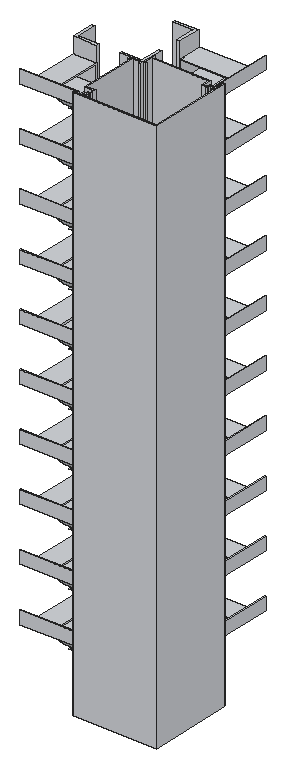
Revit family "ES-EL-6 (Box Corner)", category Mechanical Equipment, Revit 2015
Parameters
  URL = "http://unitedenertech.com/catalog/pdf/A_48%20ES-EL-6.pdf"
  Type Comments = "Size is Limited to (12\"w x 12\"l)"
  Model = "ES-EL-6 Box Corner"
  Manufacturer = "Untied Enertech Corporation"
  Exact Height = 4' - 0"
  Description = "6\" Aluminum Equipment Screen Box Corner"
  Blade Spacing = 0' - 4.63"
  Blade Number [instance] = rounddown(Exact Height / Blade Spacing)  # 10
Reference planes (in)
  plane 1 "Center (Front/Back)": y = 0
  plane 2: z = 0
  plane 3 "Center (Left/Right)": x = 0
  plane 4: z = 48
Forms (in)
  Extrusion 1, solid
    sketch origin (-19.80704, -2.49088, 0) x (1, 0, 0) y (0, 1, 0)
      loop
        line (19.55704, 4.49088) -> (19.55704, 2.74088) -> (17.80704, 2.74088) -> (17.80704, 2.49088) -> (19.80704, 2.49088) -> (19.80704, 4.49088) -> (19.55704, 4.49088)
    from 0 to 48
  Extrusion 2, solid
    sketch origin (8.58997, -5.77203, 0) x (0, 1, 0) y (-1, 0, 0)
      loop
        line (6.94103, 2.48197) -> (6.94103, 2.63397) -> (6.67803, 2.63397) -> (6.67803, 2.74097) -> (6.55303, 2.74097) -> (6.55303, 2.63397) -> (6.13403, 2.63397) -> (6.13403, 3.13397) -> (5.96503, 3.13397) -> (5.96503, 3.46797) -> (6.67803, 3.46797) -> (6.67803, 8.46497) -> (6.94103, 8.46497) -> (6.94103, 8.58997) -> (5.77203, 8.58997) -> (5.77203, 8.35797) -> (5.89703, 8.35797) -> (5.89703, 8.46497) -> (6.55303, 8.46497) -> (6.55303, 3.59297) -> (5.84003, 3.59297) -> (5.84003, 3.13397) -> (5.77203, 3.13397) -> (5.77203, 3.00897) -> (5.84003, 3.00897) -> (5.84003, 2.94797) -> (5.92103, 2.94797) -> (5.92103, 3.00897) -> (6.00903, 3.00897) -> (6.00903, 2.63397) -> (5.92103, 2.63397) -> (5.92103, 2.72497) -> (5.84003, 2.72497) -> (5.84003, 2.50897) -> (6.80675, 2.50897) -> (6.82565, 2.48197) -> (6.94103, 2.48197)
    from 0 to 48
  Extrusion 3, solid
    sketch origin (5.77203, -8.58997, 0) x (-1, 0, 0) y (0, -1, 0)
      loop
        line (6.94103, -2.48197) -> (6.82565, -2.48197) -> (6.80675, -2.50897) -> (5.84003, -2.50897) -> (5.84003, -2.72497) -> (5.92103, -2.72497) -> (5.92103, -2.63397) -> (6.00903, -2.63397) -> (6.00903, -3.00897) -> (5.92103, -3.00897) -> (5.92103, -2.94797) -> (5.84003, -2.94797) -> (5.84003, -3.00897) -> (5.77203, -3.00897) -> (5.77203, -3.13397) -> (5.84003, -3.13397) -> (5.84003, -3.59297) -> (6.55303, -3.59297) -> (6.55303, -8.46497) -> (5.89703, -8.46497) -> (5.89703, -8.35797) -> (5.77203, -8.35797) -> (5.77203, -8.58997) -> (6.94103, -8.58997) -> (6.94103, -8.46497) -> (6.67803, -8.46497) -> (6.67803, -3.46797) -> (5.96503, -3.46797) -> (5.96503, -3.13397) -> (6.13403, -3.13397) -> (6.13403, -2.63397) -> (6.55303, -2.63397) -> (6.55303, -2.74097) -> (6.67803, -2.74097) -> (6.67803, -2.63397) -> (6.94103, -2.63397) -> (6.94103, -2.48197)
    from 0 to 48
  Extrusion 4, solid
    sketch origin (0, 0, 0) x (1, 0, 0) y (0, 1, 0)
      loop
        line (-1.03472, -6.081) -> (-1.03472, -6.162) -> (6.162, -6.162) -> (6.162, 1.03472) -> (6.081, 1.03472) -> (6.081, -6.081) -> (-1.03472, -6.081)
    from 0 to 48
Dimensions and locks (in)
  "Exact Height": plane 4 to level
  nested 1 to Extrusion 4 = 1' - 0.00159"
  Extrusion 4 to nested 2 = 1' - 0.00159"
  equal spacing: group 1, group 2, group 3, group 4, group 5, group 6, group 7, group 15, group 16, group 17  (x2)
  equal spacing: group 17, group 16, group 15, group 7, group 6, group 5, group 4, group 3, group 2, group 1
  "Blade Spacing": nested 3 to nested 1
  equal spacing: group 8, group 9, group 10, group 11, group 12, group 13, group 14, group 18, group 19, group 20  (x2)
  equal spacing: group 20, group 19, group 18, group 14, group 13, group 12, group 11, group 10, group 9, group 8
  "Blade Spacing": nested 2 to nested 9
  aligned and locked: level to plane 2
  aligned and locked: plane 4 to Extrusion 4
  aligned and locked: plane 4 to Extrusion 2
  aligned and locked: plane 4 to Extrusion 3
  aligned and locked: plane 4 to Extrusion 1
  aligned and locked: plane 4 to nested 1
  aligned and locked: nested 2 to plane 4
Automatic sketch dimensions
  plane 1 "Center (Front/Back)" to Extrusion 1 sketch curve = 0' - 0"
  Extrusion 1 sketch curve to plane 3 "Center (Left/Right)" = 0' - 0"
  Extrusion 1 sketch curve to plane 3 "Center (Left/Right)" = 0' - 0 1/4"
  Extrusion 1 sketch curve to Extrusion 1 sketch curve = 0' - 1 3/4"  (x2)
  Extrusion 1 sketch curve to plane 1 "Center (Front/Back)" = 0' - 0 1/4"
  plane 1 "Center (Front/Back)" to Extrusion 2 sketch curve = 0' - 0"  (x2)
  Extrusion 2 sketch curve to plane 3 "Center (Left/Right)" = 0' - 0"
  Extrusion 2 sketch curve to plane 1 "Center (Front/Back)" = 0' - 0.068"  (x3)
  Extrusion 2 sketch curve to plane 1 "Center (Front/Back)" = 0' - 0 1/8"
  Extrusion 2 sketch curve to Extrusion 2 sketch curve = 0' - 0.081"  (x2)
  Extrusion 2 sketch curve to Extrusion 2 sketch curve = 0' - 0 1/8"  (x7)
  Extrusion 2 sketch curve to Extrusion 2 sketch curve = 0' - 0.088"
  Extrusion 2 sketch curve to Extrusion 2 sketch curve = 0' - 0.169"
  Extrusion 2 sketch curve to Extrusion 2 sketch curve = 0' - 0.419"
  Extrusion 2 sketch curve to Extrusion 2 sketch curve = 0' - 0.588"
  Extrusion 2 sketch curve to Extrusion 2 sketch curve = 0' - 0.12872"
  Extrusion 2 sketch curve to Extrusion 2 sketch curve = 0' - 0.01891"
  Extrusion 2 sketch curve to Extrusion 2 sketch curve = 0' - 0.13428"
  Extrusion 2 sketch curve to Extrusion 2 sketch curve = 0' - 0.263"
  plane 3 "Center (Left/Right)" to Extrusion 2 sketch curve = 0' - 0 1/8"
  Extrusion 2 sketch curve to Extrusion 2 sketch curve = 0' - 0"  (x2)
  Extrusion 2 sketch curve to Extrusion 2 sketch curve = 0' - 0.107"  (x3)
  Extrusion 2 sketch curve to Extrusion 2 sketch curve = 0' - 4.765"
  Extrusion 2 sketch curve to Extrusion 2 sketch curve = 0' - 0.334"
  Extrusion 2 sketch curve to Extrusion 2 sketch curve = 0' - 0.061"
  Extrusion 2 sketch curve to Extrusion 2 sketch curve = 0' - 0.393"
  Extrusion 2 sketch curve to Extrusion 2 sketch curve = 0' - 0.223"
  Extrusion 2 sketch curve to Extrusion 2 sketch curve = 0' - 0.091"
  Extrusion 2 sketch curve to Extrusion 2 sketch curve = 0' - 0.027"
  Extrusion 3 sketch curve to plane 3 "Center (Left/Right)" = 0' - 0"  (x2)
  plane 1 "Center (Front/Back)" to Extrusion 3 sketch curve = 0' - 0"
  plane 3 "Center (Left/Right)" to Extrusion 3 sketch curve = 0' - 0.068"  (x3)
  plane 3 "Center (Left/Right)" to Extrusion 3 sketch curve = 0' - 0 1/8"
  Extrusion 3 sketch curve to Extrusion 3 sketch curve = 0' - 0.081"  (x2)
  Extrusion 3 sketch curve to Extrusion 3 sketch curve = 0' - 0 1/8"  (x7)
  Extrusion 3 sketch curve to Extrusion 3 sketch curve = 0' - 0.088"
  Extrusion 3 sketch curve to Extrusion 3 sketch curve = 0' - 0.169"
  Extrusion 3 sketch curve to Extrusion 3 sketch curve = 0' - 0.419"
  Extrusion 3 sketch curve to Extrusion 3 sketch curve = 0' - 0.588"
  Extrusion 3 sketch curve to Extrusion 3 sketch curve = 0' - 0.12872"
  Extrusion 3 sketch curve to Extrusion 3 sketch curve = 0' - 0.01891"
  Extrusion 3 sketch curve to Extrusion 3 sketch curve = 0' - 0.13428"
  Extrusion 3 sketch curve to Extrusion 3 sketch curve = 0' - 0.263"
  Extrusion 3 sketch curve to plane 1 "Center (Front/Back)" = 0' - 0 1/8"
  Extrusion 3 sketch curve to Extrusion 3 sketch curve = 0' - 0"  (x2)
  Extrusion 3 sketch curve to Extrusion 3 sketch curve = 0' - 0.107"  (x3)
  Extrusion 3 sketch curve to Extrusion 3 sketch curve = 0' - 4.765"
  Extrusion 3 sketch curve to Extrusion 3 sketch curve = 0' - 0.334"
  Extrusion 3 sketch curve to Extrusion 3 sketch curve = 0' - 0.061"
  Extrusion 3 sketch curve to Extrusion 3 sketch curve = 0' - 0.393"
  Extrusion 3 sketch curve to Extrusion 3 sketch curve = 0' - 0.223"
  Extrusion 3 sketch curve to Extrusion 3 sketch curve = 0' - 0.091"
  Extrusion 3 sketch curve to Extrusion 3 sketch curve = 0' - 0.027"
  Extrusion 4 sketch curve to plane 3 "Center (Left/Right)" = 0' - 1.03472"
  plane 3 "Center (Left/Right)" to Extrusion 4 sketch curve = 0' - 6.081"
  Extrusion 4 sketch curve to Extrusion 4 sketch curve = 0' - 0.081"  (x2)
  plane 1 "Center (Front/Back)" to Extrusion 4 sketch curve = 0' - 6.162"
  Extrusion 4 sketch curve to plane 1 "Center (Front/Back)" = 0' - 1.03472"
Nested families (in)
  nested 1: "ESEL6BladeOnly" at (-3.3728, -4.78784, 39.18457), type "ESEL6BladeOnly"
  nested 2: "ESEL6BladeOnly" at (4.78784, 3.3728, 39.18457) x (0, -1, 0) z (0, 0, 1), type "ESEL6BladeOnly"
  nested 3: "ESEL6BladeOnly" at (-3.3728, -4.78784, 34.55457), type "ESEL6BladeOnly"
  nested 4: "ESEL6BladeOnly" at (-3.3728, -4.78784, 29.92457), type "ESEL6BladeOnly"
  nested 5: "ESEL6BladeOnly" at (-3.3728, -4.78784, 25.29457), type "ESEL6BladeOnly"
  nested 6: "ESEL6BladeOnly" at (-3.3728, -4.78784, 20.66457), type "ESEL6BladeOnly"
  nested 7: "ESEL6BladeOnly" at (-3.3728, -4.78784, 16.03457), type "ESEL6BladeOnly"
  nested 8: "ESEL6BladeOnly" at (-3.3728, -4.78784, 11.40457), type "ESEL6BladeOnly"
  nested 9: "ESEL6BladeOnly" at (4.78784, 3.3728, 34.55457) x (0, -1, 0) z (0, 0, 1), type "ESEL6BladeOnly"
  nested 10: "ESEL6BladeOnly" at (4.78784, 3.3728, 29.92457) x (0, -1, 0) z (0, 0, 1), type "ESEL6BladeOnly"
  nested 11: "ESEL6BladeOnly" at (4.78784, 3.3728, 25.29457) x (0, -1, 0) z (0, 0, 1), type "ESEL6BladeOnly"
  nested 12: "ESEL6BladeOnly" at (4.78784, 3.3728, 20.66457) x (0, -1, 0) z (0, 0, 1), type "ESEL6BladeOnly"
  nested 13: "ESEL6BladeOnly" at (4.78784, 3.3728, 16.03457) x (0, -1, 0) z (0, 0, 1), type "ESEL6BladeOnly"
  nested 14: "ESEL6BladeOnly" at (4.78784, 3.3728, 11.40457) x (0, -1, 0) z (0, 0, 1), type "ESEL6BladeOnly"
  nested 15: "ESEL6BRACE" at (0.125, 5.83959, 0) x (0, 1, 0) z (0, 0, 1), type "ESEL6BRACE"
    with Brace Number 10
  nested 16: "ESEL6BRACE" at (-5.83959, -0.125, 0) x (-1, 0, 0) z (0, 0, 1), type "ESEL6BRACE"
    with Brace Number 10
  nested 17: "ESEL6BladeOnly" at (-3.3728, -4.78784, 6.77457), type "ESEL6BladeOnly"
  nested 18: "ESEL6BladeOnly" at (-3.3728, -4.78784, 2.14457), type "ESEL6BladeOnly"
  nested 19: "ESEL6BladeOnly" at (-3.3728, -4.78784, -2.48543), type "ESEL6BladeOnly"
  nested 20: "ESEL6BladeOnly" at (4.78784, 3.3728, 6.77457) x (0, -1, 0) z (0, 0, 1), type "ESEL6BladeOnly"
  nested 21: "ESEL6BladeOnly" at (4.78784, 3.3728, 2.14457) x (0, -1, 0) z (0, 0, 1), type "ESEL6BladeOnly"
  nested 22: "ESEL6BladeOnly" at (4.78784, 3.3728, -2.48543) x (0, -1, 0) z (0, 0, 1), type "ESEL6BladeOnly"
Definition of nested family "ESEL6BladeOnly"
  Parameters (values of type "ESEL6BladeOnly")
    Width = 0' - 4 239/256"
  Reference planes (in)
    plane 1 "Center (Front/Back)": y = 0
    plane 2: z = 0
    plane 3 "Center (Left/Right)": x = 0
    plane 4: x = -2.4668
    plane 5: x = 2.4668
  Forms (in)
    Extrusion 1, solid
      sketch origin (0.36823, -4.59142, 4.22319) x (0, 1, 0) y (0, 0, 1)
        loop
          line (3.4822, 4.59224) -> (3.4822, 3.48244) -> (4.22942, 3.12904) -> (4.58807, 2.95942) -> (4.91875, 2.80303) -> (5.18194, 2.66992) -> (5.42533, 2.52411) -> (5.67575, 2.34777) -> (5.92371, 2.14227) -> (6.20479, 1.86804) -> (8.16697, -0.11214) -> (9.17326, -0.11214) -> (9.17326, -0.8925) -> (8.81664, -0.66967) -> (8.77611, -0.73986) -> (9.25426, -1.03862) -> (9.25426, -0.03114) -> (8.24156, -0.03114) -> (6.88367, 1.33921) -> (6.94489, 1.38162) -> (6.98097, 1.4357) -> (6.99278, 1.51374) -> (6.90789, 1.51832)
          arc (6.90789, 1.51832) -> (6.77637, 1.44187) -> (6.86197, 1.56762) r 0.078
          line (6.86197, 1.56762) -> (6.85434, 1.65678) -> (6.80617, 1.65167) -> (6.7622, 1.63717) -> (6.71198, 1.59762) -> (6.68183, 1.5429) -> (6.24533, 1.9834) -> (6.00354, 2.2184) -> (5.80323, 2.38796) -> (5.57247, 2.55821) -> (5.30445, 2.72706) -> (5.07132, 2.85185) -> (4.88576, 2.94031) -> (4.925, 2.98942) -> (4.9413, 3.04178) -> (4.93681, 3.11579) -> (4.84861, 3.10528)
          arc (4.84861, 3.10528) -> (4.74276, 2.99571) -> (4.79275, 3.13962) r 0.078
          line (4.79275, 3.13962) -> (4.74557, 3.22134) -> (4.68272, 3.18505) -> (4.64873, 3.14635) -> (4.63, 3.10319) -> (4.62638, 3.06298) -> (3.5632, 3.56581) -> (3.5632, 4.59224) -> (3.4822, 4.59224)
      from -2.83503 to 2.09857
  Dimensions and locks (in)
    equal spacing: plane 4, plane 3 "Center (Left/Right)", plane 5
    "Width": plane 4 to plane 5
    aligned and locked: level to plane 2
    aligned and locked: plane 4 to Extrusion 1
    aligned and locked: plane 5 to Extrusion 1
  Automatic sketch dimensions
    plane 1 "Center (Front/Back)" to Extrusion 1 sketch curve = 0' - 1.10922"
    Extrusion 1 sketch curve to Extrusion 1 sketch curve = 0' - 0.081"  (x3)
    plane 1 "Center (Front/Back)" to Extrusion 1 sketch curve = 0' - 0.362"
    plane 1 "Center (Front/Back)" to Extrusion 1 sketch curve = 0' - 0.00335"
    Extrusion 1 sketch curve to plane 1 "Center (Front/Back)" = 0' - 0.03496"
    Extrusion 1 sketch curve to plane 1 "Center (Front/Back)" = 0' - 0.03858"
    Extrusion 1 sketch curve to Extrusion 1 sketch curve = 0' - 0.01873"
    Extrusion 1 sketch curve to Extrusion 1 sketch curve = 0' - 0.03399"
    Extrusion 1 sketch curve to Extrusion 1 sketch curve = 0' - 0.06286"
    Extrusion 1 sketch curve to Extrusion 1 sketch curve = 0' - 0.15723"
    Extrusion 1 sketch curve to Extrusion 1 sketch curve = 0' - 0.00914"
    Extrusion 1 sketch curve to Extrusion 1 sketch curve = 0' - 0.05585"
    Extrusion 1 sketch curve to Extrusion 1 sketch curve = 0' - 0.10215"
    Extrusion 1 sketch curve to Extrusion 1 sketch curve = 0' - 0.03299"
    Extrusion 1 sketch curve to Extrusion 1 sketch curve = 0' - 0.03924"
    Extrusion 1 sketch curve to Extrusion 1 sketch curve = 0' - 0.08821"
    Extrusion 1 sketch curve to Extrusion 1 sketch curve = 0' - 0.0163"
    Extrusion 1 sketch curve to Extrusion 1 sketch curve = 0' - 0.15258"
    Extrusion 1 sketch curve to Extrusion 1 sketch curve = 0' - 0.11061"
    Extrusion 1 sketch curve to Extrusion 1 sketch curve = 0' - 0.12251"
    Extrusion 1 sketch curve to Extrusion 1 sketch curve = 0' - 0.12088"
    Extrusion 1 sketch curve to Extrusion 1 sketch curve = 0' - 0.14714"
    Extrusion 1 sketch curve to Extrusion 1 sketch curve = 0' - 0.10329"
    Extrusion 1 sketch curve to Extrusion 1 sketch curve = 0' - 0.12748"
    Extrusion 1 sketch curve to Extrusion 1 sketch curve = 0' - 0.12048"
    Extrusion 1 sketch curve to Extrusion 1 sketch curve = 0' - 0.07983"
    Extrusion 1 sketch curve to Extrusion 1 sketch curve = 0' - 0.28109"
    Extrusion 1 sketch curve to Extrusion 1 sketch curve = 0' - 0.04054"
    Extrusion 1 sketch curve to Extrusion 1 sketch curve = 0' - 0.47704"
    Extrusion 1 sketch curve to Extrusion 1 sketch curve = 0' - 0.03015"
    Extrusion 1 sketch curve to Extrusion 1 sketch curve = 0' - 0.05022"  (x2)
    Extrusion 1 sketch curve to Extrusion 1 sketch curve = 0' - 0.04397"
    Extrusion 1 sketch curve to Extrusion 1 sketch curve = 0' - 0.15162"
    Extrusion 1 sketch curve to Extrusion 1 sketch curve = 0' - 0.04817"
    Extrusion 1 sketch curve to Extrusion 1 sketch curve = 0' - 0.02852"
    Extrusion 1 sketch curve to Extrusion 1 sketch curve = 0' - 0.04592"
    Extrusion 1 sketch curve to Extrusion 1 sketch curve = 0' - 0.06122"
    Extrusion 1 sketch curve to Extrusion 1 sketch curve = 0' - 0.03607"
    Extrusion 1 sketch curve to Extrusion 1 sketch curve = 0' - 0.01181"
    Extrusion 1 sketch curve to Extrusion 1 sketch curve = 0' - 1.22207"
    Extrusion 1 sketch curve to Extrusion 1 sketch curve = 0' - 0.07459"
    Extrusion 1 sketch curve to Extrusion 1 sketch curve = 0' - 0.60915"
    Extrusion 1 sketch curve to Extrusion 1 sketch curve = 0' - 0.04052"
    Extrusion 1 sketch curve to Extrusion 1 sketch curve = 0' - 0.35662"
    level to Extrusion 1 sketch curve = 0' - 3.18457"
    Extrusion 1 sketch curve to Extrusion 1 sketch curve = 0' - 0.14612"
    Extrusion 1 sketch curve to Extrusion 1 sketch curve = 0' - 0.15264"
    Extrusion 1 sketch curve to Extrusion 1 sketch curve = 0' - 0.07019"
    Extrusion 1 sketch curve to Extrusion 1 sketch curve = 0' - 0.55752"
    Extrusion 1 sketch curve to Extrusion 1 sketch curve = 0' - 1.37035"
    Extrusion 1 sketch curve to Extrusion 1 sketch curve = 0' - 0.04241"
    Extrusion 1 sketch curve to Extrusion 1 sketch curve = 0' - 0.05408"
    Extrusion 1 sketch curve to Extrusion 1 sketch curve = 0' - 0.11341"
    Extrusion 1 sketch curve to Extrusion 1 sketch curve = 0' - 0.07804"
    Extrusion 1 sketch curve to Extrusion 1 sketch curve = 0' - 0.02329"
    Extrusion 1 sketch curve to Extrusion 1 sketch curve = 0' - 0.04788"
    Extrusion 1 sketch curve to Extrusion 1 sketch curve = 0' - 0.05471"
    Extrusion 1 sketch curve to Extrusion 1 sketch curve = 0' - 0.03955"
    Extrusion 1 sketch curve to Extrusion 1 sketch curve = 0' - 0.0145"
    Extrusion 1 sketch curve to Extrusion 1 sketch curve = 0' - 0.00511"
    Extrusion 1 sketch curve to Extrusion 1 sketch curve = 0' - 0.27042"
    Extrusion 1 sketch curve to Extrusion 1 sketch curve = 0' - 0.11537"
    Extrusion 1 sketch curve to Extrusion 1 sketch curve = 0' - 0.15886"
    Extrusion 1 sketch curve to Extrusion 1 sketch curve = 0' - 0.07614"
    Extrusion 1 sketch curve to Extrusion 1 sketch curve = 0' - 0.20551"
    Extrusion 1 sketch curve to Extrusion 1 sketch curve = 0' - 0.04019"
    Extrusion 1 sketch curve to Extrusion 1 sketch curve = 0' - 0.17634"
    Extrusion 1 sketch curve to Extrusion 1 sketch curve = 0' - 0.0341"
    Extrusion 1 sketch curve to Extrusion 1 sketch curve = 0' - 0.14581"
    Extrusion 1 sketch curve to Extrusion 1 sketch curve = 0' - 0.05715"
    Extrusion 1 sketch curve to Extrusion 1 sketch curve = 0' - 0.13311"
    Extrusion 1 sketch curve to Extrusion 1 sketch curve = 0' - 0.04882"
    Extrusion 1 sketch curve to Extrusion 1 sketch curve = 0' - 0.13728"
    Extrusion 1 sketch curve to Extrusion 1 sketch curve = 0' - 0.01911"
    Extrusion 1 sketch curve to Extrusion 1 sketch curve = 0' - 0.04911"
    Extrusion 1 sketch curve to Extrusion 1 sketch curve = 0' - 0.05236"
    Extrusion 1 sketch curve to Extrusion 1 sketch curve = 0' - 0.02038"
    Extrusion 1 sketch curve to Extrusion 1 sketch curve = 0' - 0.10356"
    Extrusion 1 sketch curve to Extrusion 1 sketch curve = 0' - 0.0402"
    Extrusion 1 sketch curve to Extrusion 1 sketch curve = 0' - 0.04312"
    Extrusion 1 sketch curve to Extrusion 1 sketch curve = 0' - 0.074"
    Extrusion 1 sketch curve to Extrusion 1 sketch curve = 0' - 0.16962"
    Extrusion 1 sketch curve to Extrusion 1 sketch curve = 0' - 0.04316"
    Extrusion 1 sketch curve to Extrusion 1 sketch curve = 0' - 0.0387"
    Extrusion 1 sketch curve to Extrusion 1 sketch curve = 0' - 0.3534"
    Extrusion 1 sketch curve to Extrusion 1 sketch curve = 0' - 0.08337"
    Extrusion 1 sketch curve to Extrusion 1 sketch curve = 0' - 1.02643"
Definition of nested family "ESEL6BRACE"
  Parameters (values of type "ESEL6BRACE")
    Spacing = 0' - 4.63"
    Height = 4' - 0"
    Brace Number [instance] = rounddown(Height / Spacing)  # 10
  Reference planes (in)
    plane 1 "Center (Front/Back)": y = 0
    plane 2: z = 0
    plane 3 "Center (Left/Right)": x = 0
    plane 4: z = 48
    plane 5: z = 46.65234
  Forms (in)
    Extrusion 1, solid
      sketch origin (-16.51353, -5.17898, 0) x (1, 0, 0) y (0, 1, 0)
        loop
          line (14.51353, 5.17898) -> (16.51353, 5.17898) -> (16.51353, 7.17898) -> (16.26353, 7.17898) -> (16.26353, 5.42898) -> (14.51353, 5.42898) -> (14.51353, 5.17898)
      from 0 to 48
  Dimensions and locks (in)
    "Height": plane 4 to level
    locked: plane 4 to plane 5 at 1.34766
    equal spacing: group 1, group 2, group 3, group 4, group 5, group 6, group 7, group 8, group 9, group 10  (x2)
    equal spacing: group 10, group 9, group 8, group 7, group 6, group 5, group 4, group 3, group 2, group 1
    "Spacing": nested 2 to nested 1
    aligned and locked: level to plane 2
    aligned and locked: plane 4 to Extrusion 1
    aligned and locked: plane 5 to nested 1
    aligned and locked: nested 1 to Extrusion 1
    aligned and locked: plane 3 "Center (Left/Right)" to nested 1
  Automatic sketch dimensions
    plane 1 "Center (Front/Back)" to Extrusion 1 sketch curve = 0' - 0"
    Extrusion 1 sketch curve to plane 3 "Center (Left/Right)" = 0' - 0"
    Extrusion 1 sketch curve to plane 3 "Center (Left/Right)" = 0' - 0 1/4"
    Extrusion 1 sketch curve to Extrusion 1 sketch curve = 0' - 1 3/4"  (x2)
    Extrusion 1 sketch curve to plane 1 "Center (Front/Back)" = 0' - 0 1/4"
  Nested families (in)
    nested 1: "ESEL6BraceOnly" at (-2, -2.25, 45.72176) x (0, 1, 0) z (1, 0, 0), type "ESEL6BraceOnly"
    nested 2: "ESEL6BraceOnly" at (-2, -2.25, 41.09176) x (0, 1, 0) z (1, 0, 0), type "ESEL6BraceOnly"
    nested 3: "ESEL6BraceOnly" at (-2, -2.25, 36.46176) x (0, 1, 0) z (1, 0, 0), type "ESEL6BraceOnly"
    nested 4: "ESEL6BraceOnly" at (-2, -2.25, 31.83176) x (0, 1, 0) z (1, 0, 0), type "ESEL6BraceOnly"
    nested 5: "ESEL6BraceOnly" at (-2, -2.25, 27.20176) x (0, 1, 0) z (1, 0, 0), type "ESEL6BraceOnly"
    nested 6: "ESEL6BraceOnly" at (-2, -2.25, 22.57176) x (0, 1, 0) z (1, 0, 0), type "ESEL6BraceOnly"
    nested 7: "ESEL6BraceOnly" at (-2, -2.25, 17.94176) x (0, 1, 0) z (1, 0, 0), type "ESEL6BraceOnly"
    nested 8: "ESEL6BraceOnly" at (-2, -2.25, 13.31176) x (0, 1, 0) z (1, 0, 0), type "ESEL6BraceOnly"
    nested 9: "ESEL6BraceOnly" at (-2, -2.25, 8.68176) x (0, 1, 0) z (1, 0, 0), type "ESEL6BraceOnly"
    nested 10: "ESEL6BraceOnly" at (-2, -2.25, 4.05176) x (0, 1, 0) z (1, 0, 0), type "ESEL6BraceOnly"
  Definition of nested family "ESEL6BraceOnly"
    Reference planes (in)
      plane 1 "Center (Front/Back)": y = 0
      plane 2: z = 0
      plane 3 "Center (Left/Right)": x = 0
    Forms (in)
      Extrusion 1, solid
        sketch origin (-11.38216, -2.96488, 0) x (1, 0, 0) y (0, 1, 0)
          loop
            arc (11.22889, 2.20371) -> (11.16746, 2.10541) -> (11.26981, 2.15982) r 0.06
            line (11.26981, 2.15982) -> (11.32884, 2.21488) -> (13.63216, 2.21488) -> (13.63216, 3.89546) -> (9.23986, 3.89546) -> (9.1636, 3.77343)
            arc (9.1636, 3.77343) -> (9.12971, 3.66258) -> (9.21449, 3.74163) r 0.06
            line (9.21449, 3.74163) -> (9.25187, 3.80146) -> (13.53816, 3.80146) -> (13.53816, 2.30888) -> (11.34167, 2.30888) -> (11.22889, 2.20371)
        from 0 to 2
    Dimensions and locks (in)
      aligned and locked: level to plane 2
